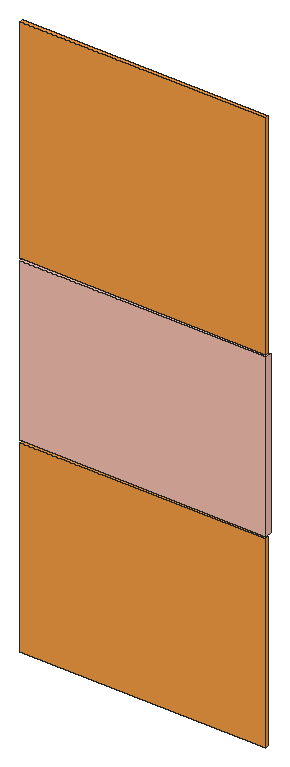
Revit family "EXP_WT-1A_CPan-011", category Curtain Panels, Revit 2021
Family settings
  OmniClass Number = 23.25.20.14.11.11.17
  OmniClass Title = Infill Panels
  Always vertical = Yes
  Cut with Voids When Loaded = No
  Shared = No
Parameters (values of type "H2 = 4'  6 1/2"")
  UI-UnitNumber [instance] = "001"
  UI-Quadrant [instance] = "SE"
  UI-ProjectAbbreviation = "NEU"
  UI-ItemCategory = "PID"
  UI-FloorNumber [instance] = "03"
  PNT-WallType = "WT1A"
  PNT-ProjectAbbreviation = "NEU"
  PNT-PanelType [instance] = "01"
  PNT-ItemCategory = "PNL"
  GlassSPH3 [instance] = 0' - 1 1/8"
  GlassSPH2(x3) [instance] = 0' - 2 3/16"
  GlassSPH1 [instance] = 0' - 1 1/8"
  GlassH3 [instance] = IG-4F(Glass)
  GlassH2 [instance] = IG-2F(Glass)
  GlassH1 [instance] = IG-4F(Glass)
  Define Thermal Properties by = Schematic Type
  CellSp = 0' - 10 3/16"
  CellL [instance] = 7' - 0"
  CellH3 [instance] = CellH - (CellH1 + CellH2)  # 5' - 4 1/2"
  CellH2 = 4' - 6 1/2"
  CellH1 = 6' - 0 1/2"
  CellH [instance] = 15' - 11 1/2"
  CellAngle = 0.00°
  Analytic Construction = "<None>"
Reference planes (in)
  plane 1 "Center (Front/Back)": y = 0
  plane 2: z = 0
  plane 3 "Center (Left/Right)": x = 0
  plane 4 "Left": x = -42
  plane 5 "Right": x = 42
  plane 6 "Top": z = 191.5
  plane 7: z = 119
  plane 8: y = -10.1875
  plane 9: z = 64.5
Forms (in)
  Extrusion 1, solid, material "IG-2F(Glass)" <- "GlassH2", detail levels coarse+medium
    sketch origin (0, 0, 0) x (0, 1, 0) y (0, 0, 1)
      loop
        line (-10.1875, 119) -> (-10.1875, 64.5) -> (0, 64.5) -> (0, 119) -> (-10.1875, 119)
    from -42 to 42
  Extrusion 2, solid, material "IG-4F(Glass)" <- "GlassH1", detail levels coarse+medium
    sketch origin (0, 0, 0) x (0, 1, 0) y (0, 0, 1)
      loop
        line (-10.1875, 191.5) -> (-10.1875, 119) -> (0, 119) -> (0, 191.5) -> (-10.1875, 191.5)
    from -42 to 42
  Extrusion 3, solid, material "IG-4F(Glass)" <- "GlassH3", detail levels coarse+medium
    sketch origin (0, 0, 0) x (0, 1, 0) y (0, 0, 1)
      loop
        line (0, 64.5) -> (-10.1875, 64.5) -> (-10.1875, 0) -> (0, 0) -> (0, 64.5)
    from -42 to 42
Text (in)
  text "Exterior" at (-92.59733, 55.75508, 0), in view "Ref. Level"
  text "Exterior" at (0, 90.18664, 173.49264), in view "Left"
  text "Exterior" at (0, 52.29083, 162.21847), in view "Right"
Dimensions and locks (in)
  Extrusion 2 sketch curve to Extrusion 2 sketch curve = 0' - 10 3/16"
  equal spacing: plane 4 "Left", plane 3 "Center (Left/Right)", plane 5 "Right"
  "CellH1": plane 7 to plane 6 "Top"
  "CellH2": plane 9 to plane 7
  "CellH": plane 2 to plane 6 "Top"
  "CellSp": plane 8 to plane 1 "Center (Front/Back)"
  "CellL": plane 4 "Left" to plane 5 "Right"
  aligned and locked: Extrusion 1 sketch curve to plane 7
  aligned and locked: plane 8 to Extrusion 1 sketch curve
  aligned and locked: plane 1 "Center (Front/Back)" to Extrusion 1 sketch curve
  aligned and locked: plane 4 "Left" to Extrusion 1
  aligned and locked: Extrusion 1 to plane 5 "Right"
  aligned and locked: plane 6 "Top" to Extrusion 2 sketch curve
  aligned and locked: plane 8 to Extrusion 2 sketch curve
  aligned and locked: Extrusion 2 sketch curve to Extrusion 1
  aligned and locked: Extrusion 2 to plane 5 "Right"
  aligned and locked: plane 4 "Left" to Extrusion 2
  aligned and locked: level to plane 2
  aligned and locked: Extrusion 1 sketch curve to plane 9
  aligned and locked: Extrusion 3 sketch curve to Extrusion 1  (x2)
  aligned and locked: Extrusion 3 sketch curve to level
  aligned and locked: Extrusion 3 sketch curve to plane 8
  aligned and locked: Extrusion 3 to plane 5 "Right"
  aligned and locked: plane 4 "Left" to Extrusion 3
  aligned and locked: Extrusion 2 to plane 1 "Center (Front/Back)"
  aligned and locked: plane 5 "Right" to nested 1
  aligned and locked: plane 4 "Left" to nested 1
  aligned and locked: Extrusion 3 to plane 2
  aligned and locked: nested 1 to plane 8
  aligned and locked: plane 8 to nested 2
  aligned and locked: plane 9 to nested 2
  aligned and locked: plane 2 to nested 2
  aligned and locked: nested 2 to plane 4 "Left"
  aligned and locked: nested 2 to plane 5 "Right"
  aligned and locked: plane 8 to nested 3
  aligned and locked: plane 7 to nested 3
  aligned and locked: plane 9 to nested 3
  aligned and locked: nested 3 to plane 4 "Left"
  aligned and locked: nested 3 to plane 5 "Right"
  aligned and locked: plane 8 to nested 4
  aligned and locked: nested 4 to plane 6 "Top"
  aligned and locked: plane 7 to nested 4
  aligned and locked: nested 4 to plane 4 "Left"
  aligned and locked: nested 4 to plane 5 "Right"
Nested families (in)
  nested 1: "EXP_xx_DetO-002" at (0, -10.1875, 0), CellH <- "CellH", CellL <- "CellL", type "EXP_xx_DetO-002", detail levels coarse
    with CellL 7' - 0", CellH 15' - 11 1/2"
  nested 2: "EXP_WT-1x_IG-001" at (0, -10.1875, 32.25) x (-1, 0, 0) z (0, 0, 1), MaterialGlass <- "GlassH3", GlassSP <- "GlassSPH3", type "GlassSP = H3", detail levels fine
    with MaterialGlass IG-4F(Glass), GlassSP 0' - 1 1/8", GlassL 6' - 10.12549", GlassH 5' - 2.56299", CellL 7' - 0", CellH 5' - 4 1/2"
  nested 3: "EXP_WT-1x_IG-001" at (0, -10.1875, 91.75) x (-1, 0, 0) z (0, 0, 1), MaterialGlass <- "GlassH2", GlassSP <- "GlassSPH2(x3)", type "GlassSP = H2(x3)", detail levels fine
    with MaterialGlass IG-2F(Glass), GlassSP 0' - 2 3/16", GlassL 6' - 10.12598", GlassH 4' - 5 3/4", CellL 7' - 0", CellH 4' - 6 1/2"
  nested 4: "EXP_WT-1x_IG-001" at (0, -10.1875, 155.25) x (-1, 0, 0) z (0, 0, 1), MaterialGlass <- "GlassH1", GlassSP <- "GlassSPH1", type "GlassSP = H1", detail levels fine
    with MaterialGlass IG-4F(Glass), GlassSP 0' - 1 1/8", GlassL 6' - 10.12549", GlassH 5' - 10 13/16", CellL 7' - 0", CellH 6' - 0 1/2"
Definition of nested family "EXP_WT-1x_IG-001"
  Parameters (values of type "H2 _ GlassSP = 1 1/4"")
    MaterialGlass [instance] = none
    GlassSP [instance] = 0' - 1 1/4"
    GlassL [instance] = CellL - (GlassD1 + GlassD3)  # 3' - 10.94439"
    GlassH [instance] = CellH - (GlassD2 + GlassD4)  # 6' - 6.64788"
    GlassD4 = 0' - 1.43701"
    GlassD3 = 0' - 0.93701"
    GlassD2 = 0' - 0 1/2"
    GlassD1 = 0' - 0 15/16"
    GMPI-ProjectAbbreviation = "NEU"
    GMPI-IteamCategory = "GLS"
    Default Elevation = 0' - 0"
    CellL [instance] = 4' - 0.8189"
    CellH [instance] = 6' - 8.58489"
  Types (12): name | GlassSP | GlassL | GlassH | GlassD4 | GlassD2 | GlassD1
    H2(x2) _ GlassSP = 2 1/8" | 0' - 2.12598" | 3' - 10.94488" | 6' - 6.64788" | 0' - 1.43701" | 0' - 0 1/2" | 0' - 0.93701"
    H1 _ GlassSP = 1 1/4" | 0' - 1 1/4" | 3' - 10.94439" | 6' - 6.89739" | 0' - 0 1/4" | 0' - 1 7/16" | 0' - 0 15/16"
    H2(x3) _ GlassSP = 2 1/8" | 0' - 2.12598" | 3' - 10.94488" | 6' - 7.83489" | 0' - 0 1/4" | 0' - 0 1/2" | 0' - 0.93701"
    H3 _ GlassSP = 1 1/4" | 0' - 1 1/4" | 3' - 10.94439" | 6' - 6.64788" | 0' - 1.43701" | 0' - 0 1/2" | 0' - 0 15/16"
    H _ GlassSP = 2 1/8" | 0' - 2.12598" | 3' - 10.94488" | 6' - 5.71088" | 0' - 1.43701" | 0' - 1.43701" | 0' - 0.93701"
    H _ GlassSP = 1 1/4" | 0' - 1 1/4" | 3' - 10.94439" | 6' - 5.71088" | 0' - 1.43701" | 0' - 1.43701" | 0' - 0 15/16"
    H2 _ GlassSP = 1 1/4" | 0' - 1 1/4" | 3' - 10.94439" | 6' - 6.64788" | 0' - 1.43701" | 0' - 0 1/2" | 0' - 0 15/16"
    GlassSP = H | 0' - 1 1/4" | 3' - 10.94439" | 6' - 5.71088" | 0' - 1.43701" | 0' - 1.43701" | 0' - 0 15/16"
    GlassSP = H3 | 0' - 1 1/4" | 3' - 10.94439" | 6' - 6.64788" | 0' - 1.43701" | 0' - 0 1/2" | 0' - 0 15/16"
    GlassSP = H2(x3) | 0' - 2.12598" | 3' - 10.94488" | 6' - 7.83489" | 0' - 0 1/4" | 0' - 0 1/2" | 0' - 0.93701"
    GlassSP = H2(x2) | 0' - 2.12598" | 3' - 10.94488" | 6' - 6.64788" | 0' - 1.43701" | 0' - 0 1/2" | 0' - 0.93701"
    GlassSP = H1 | 0' - 1 1/4" | 3' - 10.94439" | 6' - 6.89739" | 0' - 0 1/4" | 0' - 1 7/16" | 0' - 0 15/16"
  Reference planes (in)
    plane 1 "Center (Front/Back)": y = 0
    plane 2: z = 0
    plane 3 "Center (Left/Right)": x = 0
    plane 4: x = -24.40945
    plane 5: x = 24.40945
    plane 6: z = 40.29245
    plane 7: x = -23.47195
    plane 8: x = 23.47244
    plane 9: z = -40.29245
    plane 10: z = 39.79245
    plane 11: z = -38.85544
  Forms (in)
    Extrusion 1, solid, material <- "MaterialGlass"
      sketch origin (0, 0, 0) x (1, 0, 0) y (0, 0, 1)
        loop
          line (-23.47195, -38.85544) -> (23.47244, -38.85544) -> (23.47244, 39.79245) -> (-23.47195, 39.79245) -> (-23.47195, -38.85544)
      from 0 to 1.25 <- "GlassSP"
  Dimensions and locks (in)
    equal spacing: plane 6, level, plane 9
    "CellH": plane 6 to plane 9
    "GlassD2": plane 6 to plane 10
    "GlassD4": plane 11 to plane 9
    equal spacing: plane 4, plane 3 "Center (Left/Right)", plane 5
    "CellL": plane 4 to plane 5
    "GlassD1": plane 4 to plane 7
    "GlassD3": plane 5 to plane 8
    aligned and locked: level to plane 2
    aligned and locked: Extrusion 1 sketch curve to plane 11
    aligned and locked: Extrusion 1 sketch curve to plane 7
    aligned and locked: plane 10 to Extrusion 1 sketch curve
    aligned and locked: plane 8 to Extrusion 1 sketch curve
Definition of nested family "EXP_xx_DetO-002"
  Parameters (values of type "EXP_xx_DetO-002")
    Default Elevation = 0' - 0"
    CellL [instance] = 5' - 4.56693"
    CellH [instance] = 5' - 2.99213"
  Reference planes (in)
    plane 1 "Center (Front/Back)": y = 0
    plane 2: z = 0
    plane 3 "Center (Left/Right)": x = 0
    plane 4: x = -32.28346
    plane 5: x = 32.28346
    plane 6: z = 62.99213
  Lines and regions (in)
    model lines
      curve 1: line (-32.28346, 0, 62.99213) -> (32.28346, 0, 0)
      curve 2: line (32.28346, 0, 62.99213) -> (-32.28346, 0, 0)
  Dimensions and locks (in)
    "CellH": plane 6 to level
    equal spacing: plane 4, plane 3 "Center (Left/Right)", plane 5
    "CellL": plane 4 to plane 5
    aligned and locked: level to plane 2
  Automatic sketch dimensions
    curve 2 to level = 0' - 0"
    plane 4 to curve 2 = 0' - 0"
    plane 4 to curve 1 = 0' - 0"
    plane 5 to curve 2 = 0' - 0"
    curve 1 to level = 0' - 0"
    plane 5 to curve 1 = 0' - 0"
    curve 2 to plane 6 = 0' - 0"
    curve 1 to plane 6 = 0' - 0"
